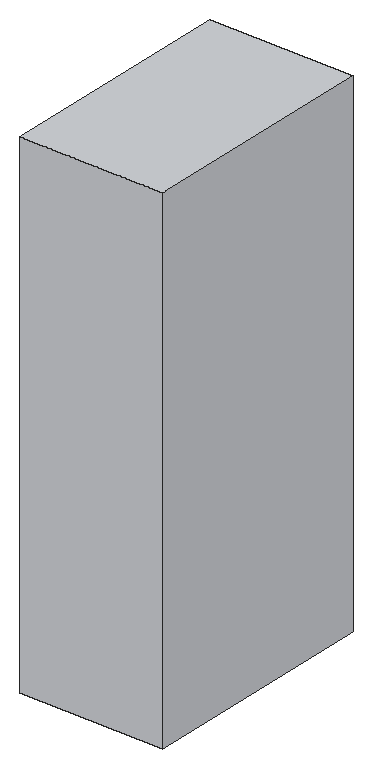
Revit family "第二期車站08_RTU機櫃_600x1000x2100", category 電氣設備, Revit 2025
Family settings
  面板規劃 = 兩欄，回路穿越
  圓形接點標註 = 使用直徑
  組件類型 = 分電盤
  OmniClass 編號 = 23.80.30.11.17
  OmniClass 標題 = Distribution Boards and Control Panels
  以工作平面為基礎 = 否
  總是垂直 = 是
  載入時使用空心切割 = 否
  維持標註方位 = 否
  共用 = 否
  房間計算點 = 否
Parameters (values of type "RTU 與網路機櫃")
  built-in parameter 1155100 [instance] = -1
  Default Elevation = 0 mm
  built-in parameter 1140142 [instance] = -1
  SCADA_高mm [instance] = "2100"
  SCADA_附錄F項次 [instance] = "26"
  SCADA_附錄D項次 [instance] = "17"
  SCADA_編號 [instance] = "P2S08-COMS-RTU-01"
  SCADA_站點 [instance] = "車站 8"
  SCADA_深mm [instance] = "1000"
  SCADA_機櫃類型 [instance] = "RTU 與網路機櫃"
  SCADA_期別 [instance] = "第二期"
  SCADA_房間 [instance] = "COMS/SCADA 設備室"
  SCADA_建物 [instance] = "車站"
  SCADA_尺寸 [instance] = "600W×1000D×2100H"
  SCADA_寬mm [instance] = "600"
  SCADA_定位來源 [instance] = "獨立設備族群（載入專案後定位）"
  SCADA_備註 [instance] = ""
  SCADA_來源文件 [instance] = "Installation SoW_V6（Rev.006, 2026-07-02）附錄 D / F；依原文顏色標示排除已刪除項目"
  SCADA_UPS電源110V [instance] = "雙 UPS 電源（2×4500VA）"
  built-in parameter 1140140 [instance] = 1 (stored number, unit not read)
Reference planes
  plane 1 "中心 (前/後)": y = 0
  plane 2: z = 0
  plane 3 "中心 (左/右)": x = 0
Forms (mm)
  Extrusion 1, solid
    sketch origin (0, 0, 0) x (1, 0, 0) y (0, 1, 0)
      loop
        line (-300, -500) -> (300, -500) -> (300, 500) -> (-300, 500) -> (-300, -500)
    from 0 to 2100
Lines and regions (mm)
  symbolic lines, style "開門線"
    curve 1: line (300, -500, 0) -> (300, -1100, 0)
    curve 2: arc (-300, -500, 0) -> (-124.264, -924.264, 0) -> (300, -1100, 0) r 600
    curve 3: line (-300, 500, 0) -> (-300, 1100, 0)
    curve 4: arc (300, 500, 0) -> (124.264, 924.264, 0) -> (-300, 1100, 0) r 600
Dimensions and locks
  aligned and locked: level to plane 2
